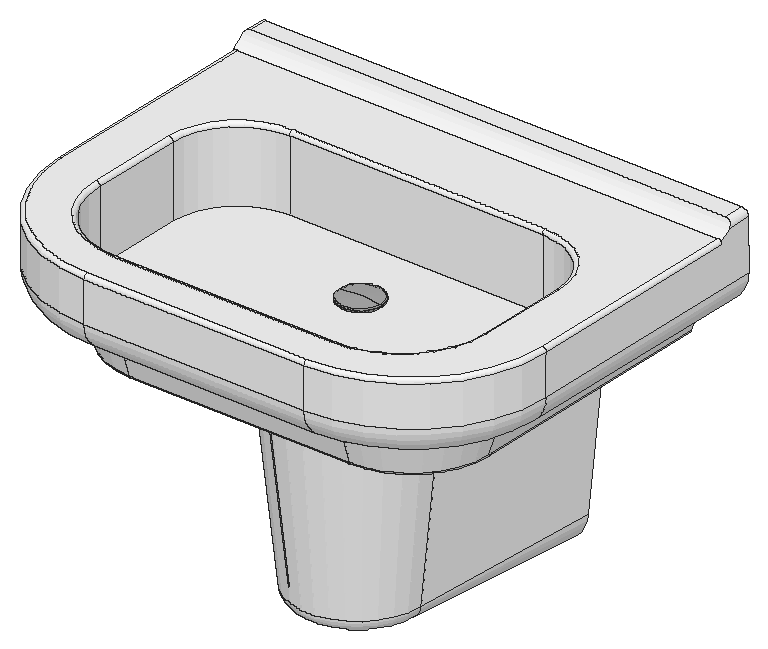
Revit family "NLRS_74_PF_UN_wastafel_S8300315000_SPHINX_BCB", category Plumbing Fixtures, Revit 2016
Family settings
  Part Type = Normal
  Round Connector Dimension = Use Radius
  OmniClass Number = 23.45.00.00
  OmniClass Title = Sanitary, Laundry, and Cleaning Equipment
  Work Plane-Based = No
  Always vertical = Yes
  Cut with Voids When Loaded = No
  Shared = No
  Room Calculation Point = No
Parameters (values of type "wastafel 55 cm zonder overloop / zonder kraangat")
  NLRS_C_type = "Wastafel zonder kraangat en overloop"
  NLRS_C_serie = "300 Basic"
  NLRS_C_revit_versie = "2016"
  NLRS_C_content_versie = "2.0"
  NLRS_C_content_provider = "BouwConnect"
  NLRS_C_content_datum_uitgifte = "APR-2018"
  NLRS_C_content_datum_gewijzigd = "APR-2018"
  NLRS_C_content_creator = "BouwConnect"
  NLRS_C_URL_product_data = "http://www.sphinx.nl/producten/wastafels-%7C-fonteinen/wastafels/sphinx-300-basic-%7C-wastafel-60-cm/27160/"
  Waste Connection = yes
  WFU = 0
  URL = "http://www.sphinx.nl/"
  Type Comments = ""
  NLRS_S_gewicht = 17.00 kg
  NLRS_C_materiaal = none
  NLRS_C_lengte = 475 mm
  NLRS_C_hoogte = 207 mm
  NLRS_C_diameter_uit = 45 mm
  NLRS_C_diameter_in = 35 mm
  NLRS_C_breedte = 600 mm
  Model = "300 wastafel 55 cm zonder overloop / zonder kraangat "  # constant formula
  Manufacturer = "Sphinx"  # constant formula
  Keynote = ""
  IfcTypeProduct = "IfcSanitaryTerminalType"
  IfcExportType = "SINK"
  IfcExportAs = "IfcSanitaryTerminalTypeEnum"
  IfcElement = "IfcFlowTerminal"
  NLRS_C_code_EAN = "8711754218086"
  Description = "wastafel"
  CWFU = 0
  NLRS_C_URL_BCB = "http://bcb-online.nl/?zoekterm=Sphinx+++%5bGeberit+B.V.%5d"
  Assembly Code = "47.11"
Reference planes
  plane 1 "Center (Front/Back)": y = 0
  plane 2: z = 0
  plane 3 "Center (Left/Right)": x = 0
Forms (mm)
  Extrusion 1, solid, material "74_porcelein_wit", detail levels medium+fine
    sketch origin (-0.053, 0.036, 0) x (1, 0, 0) y (0, 1, 0)
      loop
        line (-300, -0.036) -> (-300, -335)
        arc (-300, -335) -> (-258.995, -433.995) -> (-160, -475) r 140
        line (-160, -475) -> (160, -475)
        arc (160, -475) -> (258.995, -433.995) -> (300, -335) r 140
        line (300, -335) -> (300, -0.036) -> (-300, -0.036)
    from -144.695 to 0
  Sweep 2, void, detail levels medium+fine
    path origin (-0.053, 0.036, 0) x (1, 0, 0) y (0, 1, 0)
      loop
        line (300, 0) -> (300, -310)
        arc (300, -310) -> (251.673, -426.673) -> (135, -475) r 165
        line (135, -475) -> (-135, -475)
        arc (-135, -475) -> (-251.673, -426.673) -> (-300, -310) r 165
        line (-300, -310) -> (-300, 0)
    profile origin (299.947, -154.964, 0) x (1, 0, 0) y (0, 0, 1)
      loop
        line (-125.534, -144.695) -> (-125.534, -205) -> (55, -205) -> (55, 21.495) -> (-5, 21.495) -> (-5, 0)
        arc (-5, 0) -> (-1.464, -1.464) -> (0, -5) r 5
        line (0, -5) -> (0, -54.55)
        arc (0, -54.55) -> (-10.837, -80.713) -> (-37, -91.55) r 37
        line (-37, -91.55) -> (-44.133, -91.55)
        arc (-44.133, -91.55) -> (-51.101, -93.781) -> (-55.479, -99.643) r 12
        line (-55.479, -99.643) -> (-70.063, -141.997)
        arc (-70.063, -141.997) -> (-71.522, -143.951) -> (-73.845, -144.695) r 4
        line (-73.845, -144.695) -> (-125.534, -144.695)
  Extrusion 3, void, detail levels medium+fine
    sketch origin (-0.053, 5.036, 0) x (1, 0, 0) y (0, 1, 0)
      loop
        arc (-156.664, -137.37) -> (-213.233, -160.801) -> (-236.664, -217.37) r 80
        line (-236.664, -217.37) -> (-236.664, -329.076)
        arc (-236.664, -329.076) -> (-207.375, -399.787) -> (-136.664, -429.076) r 100
        line (-136.664, -429.076) -> (133.336, -429.076)
        arc (133.336, -429.076) -> (204.047, -399.787) -> (233.336, -329.076) r 100
        line (233.336, -329.076) -> (233.336, -217.37)
        arc (233.336, -217.37) -> (209.904, -160.801) -> (153.336, -137.37) r 80
        line (153.336, -137.37) -> (-156.664, -137.37)
    from -91.55 to 100
  Blend 4, solid, material "74_porcelein_wit", detail levels medium+fine
    base sketch origin (999.947, 0, 0.437) x (1, 0, 0) y (0, 0, 1)
      loop
        line (-1128.74, -145.132) -> (-1103.133, -388.766)
        arc (-1103.133, -388.766) -> (-1088.491, -417.504) -> (-1058.38, -429.062) r 45
        line (-1058.38, -429.062) -> (-941.515, -429.062)
        arc (-941.515, -429.062) -> (-911.404, -417.504) -> (-896.762, -388.766) r 45
        line (-896.762, -388.766) -> (-871.155, -145.132) -> (-881.21, -145.132) -> (-906.707, -387.721)
        arc (-906.707, -387.721) -> (-918.096, -410.072) -> (-941.515, -419.062) r 35
        line (-941.515, -419.062) -> (-1058.38, -419.062)
        arc (-1058.38, -419.062) -> (-1081.799, -410.072) -> (-1093.188, -387.721) r 35
        line (-1093.188, -387.721) -> (-1118.685, -145.132) -> (-1128.74, -145.132)
    top sketch origin (999.947, 0, 0.437) x (1, 0, 0) y (0, 0, 1)
      loop
        line (-1103.728, -145.132) -> (-1076.841, -400.945)
        arc (-1076.841, -400.945) -> (-1070.984, -412.44) -> (-1058.939, -417.063) r 18
        line (-1058.939, -417.063) -> (-940.95, -417.063)
        arc (-940.95, -417.063) -> (-928.906, -412.44) -> (-923.049, -400.945) r 18
        line (-923.049, -400.945) -> (-896.162, -145.132) -> (-906.217, -145.132) -> (-932.994, -399.899)
        arc (-932.994, -399.899) -> (-935.597, -405.008) -> (-940.95, -407.063) r 8
        line (-940.95, -407.063) -> (-1058.939, -407.063)
        arc (-1058.939, -407.063) -> (-1064.293, -405.008) -> (-1066.896, -399.899) r 8
        line (-1066.896, -399.899) -> (-1093.673, -145.132) -> (-1103.728, -145.132)
    from 0 to 224
  Revolve 5, solid, material "74_porcelein_wit", detail levels medium+fine
    sketch origin (999.947, -224, 0.487) x (1, 0, 0) y (0, 0, 1)
      loop
        line (-923.049, -400.945) -> (-896.162, -145.132) -> (-906.217, -145.132) -> (-932.994, -399.899)
        arc (-932.994, -399.899) -> (-935.597, -405.008) -> (-940.95, -407.063) r 8
        line (-940.95, -407.063) -> (-999.947, -407.063) -> (-999.947, -417.063) -> (-940.95, -417.063)
        arc (-940.95, -417.063) -> (-928.906, -412.44) -> (-923.049, -400.945) r 18
      axis (-999.947, -145.132) -> (-999.947, -417.063)
    angle from 180 to 360
  Sweep 6, void, detail levels medium+fine
    path origin (-0.053, 5.036, 0) x (1, 0, 0) y (0, 1, 0)
      loop
        arc (-156.664, -137.37) -> (-213.233, -160.801) -> (-236.664, -217.37) r 80
        line (-236.664, -217.37) -> (-236.664, -329.076)
        arc (-236.664, -329.076) -> (-207.375, -399.787) -> (-136.664, -429.076) r 100
        line (-136.664, -429.076) -> (133.336, -429.076)
        arc (133.336, -429.076) -> (204.047, -399.787) -> (233.336, -329.076) r 100
        line (233.336, -329.076) -> (233.336, -217.37)
        arc (233.336, -217.37) -> (209.904, -160.801) -> (153.336, -137.37) r 80
        line (153.336, -137.37) -> (-156.664, -137.37)
    profile origin (-1.717, -132.334, 0) x (0, 1, 0) y (0, 0, 1)
      loop
        arc (0, -5) -> (1.464, -1.464) -> (5, 0) r 5
        line (5, 0) -> (5, 10) -> (-10, 10) -> (-10, -5) -> (0, -5)
  Extrusion 7, solid, material "74_porcelein_wit", detail levels coarse
    sketch origin (0, 0, 0) x (1, 0, 0) y (0, 1, 0)
      loop
        line (-300, 0) -> (-300, -335)
        arc (-300, -335) -> (-258.995, -433.995) -> (-160, -475) r 140
        line (-160, -475) -> (160, -475)
        arc (160, -475) -> (258.995, -433.995) -> (300, -335) r 140
        line (300, -335) -> (300, 0) -> (-300, 0)
    from -144.695 to 0
  Extrusion 8, void, detail levels coarse
    sketch origin (0, 0, 0) x (1, 0, 0) y (0, 1, 0)
      loop
        arc (-156.664, -137.37) -> (-213.233, -160.801) -> (-236.664, -217.37) r 80
        line (-236.664, -217.37) -> (-236.664, -329.076)
        arc (-236.664, -329.076) -> (-207.375, -399.787) -> (-136.664, -429.076) r 100
        line (-136.664, -429.076) -> (133.336, -429.076)
        arc (133.336, -429.076) -> (204.047, -399.787) -> (233.336, -329.076) r 100
        line (233.336, -329.076) -> (233.336, -217.37)
        arc (233.336, -217.37) -> (209.904, -160.801) -> (153.336, -137.37) r 80
        line (153.336, -137.37) -> (-156.664, -137.37)
    from -50 to 16.276
  Extrusion 9, solid, material "74_porcelein_wit", detail levels medium+fine
    sketch origin (-1406.142, 0, 0) x (1, 0, 0) y (0, 0, 1)
      loop
        line (1698.09, 16.276) -> (1114.09, 16.276)
        arc (1114.09, 16.276) -> (1108.433, 13.933) -> (1106.09, 8.276) r 8
        line (1106.09, 8.276) -> (1106.09, -54.55)
        arc (1106.09, -54.55) -> (1116.927, -80.713) -> (1143.09, -91.55) r 37
        line (1143.09, -91.55) -> (1669.09, -91.55)
        arc (1669.09, -91.55) -> (1695.253, -80.713) -> (1706.09, -54.55) r 37
        line (1706.09, -54.55) -> (1706.09, 8.276)
        arc (1706.09, 8.276) -> (1703.747, 13.933) -> (1698.09, 16.276) r 8
    from 0 to 40
  Extrusion 10, void
    sketch origin (0, 0, 0) x (0, 1, 0) y (0, 0, 1)
      loop
        arc (-40, 0) -> (-29.755, 7.174) -> (-23.27, 17.868) r 30.371
        line (-23.27, 17.868) -> (-42.91, 17.868) -> (-42.91, 0) -> (-40, 0)
    from -311.866 to 371.756
  Extrusion 11, void
    sketch origin (-341.32, 0.365, 0) x (1, 0, 0) y (0, 1, 0)
      loop
        circle (341.268, -220.297) r 23
    from -200 to 50
  Revolve 12, solid, material "74_metaal_generiek", detail levels fine
    sketch origin (-678.82, -220, -35.919) x (1, 0, 0) y (0, 0, 1)
      loop
        line (678.796, -55) -> (678.796, -50)
        arc (678.796, -50) -> (666.186, -50.412) -> (653.653, -51.862) r 153.083
        arc (653.653, -51.862) -> (653.037, -52.206) -> (652.793, -52.868) r 1.018
        line (652.793, -52.868) -> (652.793, -54)
        arc (652.793, -54) -> (653.086, -54.707) -> (653.793, -55) r 1
        line (653.793, -55) -> (678.796, -55)
      axis (678.796, -55) -> (678.796, -50)
    angle from 0 to 360
  Extrusion 13, solid, material "74_porcelein_wit"
    sketch origin (-397.688, 242.163, 0) x (1, 0, 0) y (0, 1, 0)
      loop
        circle (397.636, -462.163) r 40
    from -181.695 to -144.644
  Extrusion 14, solid, not visible
    sketch origin (0, 0, -161.695) x (1, 0, 0) y (0, 1, 0)
      loop
        circle (-0.053, -219.932) r 22.5
    from 0 to 5
Cuts and joins
  Sweep 2, Extrusion 3, Sweep 6, Extrusion 11 cuts Extrusion 1
  Extrusion 10, Extrusion 11 cuts Extrusion 9
  joined: Extrusion 1, Extrusion 9
  Extrusion 8 cuts Extrusion 7
  Extrusion 11 cuts Extrusion 13
Dimensions and locks
  aligned and locked: level to plane 2
Connectors
  piping at (-0.053, -219.932, -161.695), diameter 50, driven by "WFU"
    settings: on Extrusion 14, index 1, connector inside diameter 50 mm, connector length 0 mm, flow factor 0, pipe flow 0.0 L/s, pressure drop 0.0 Pa, fitting loss kfactor 0, connector angle 0.00°, fixture units 0, engagement length 0 mm, angle of deflection 0.00°, flow configuration 3, flow direction 2, fitting loss method 0, system type 16, joint type 0, gender type 0, connector reference index -1, connector utility 0, adjustable connector no, is connector primary yes, connector description ""
